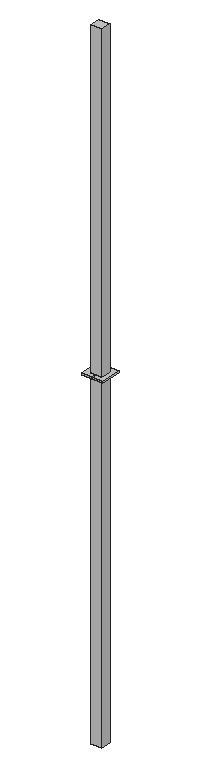
Revit family "Haworth_UniGroupToo_TopFeed", category Furniture Systems, Revit 2018
Family settings
  Round Connector Dimension = Use Diameter
  Part Type = Normal
  OmniClass Number = 23.40.70.14.64.21
  OmniClass Title = Systems Furniture
  Work Plane-Based = No
  Always vertical = Yes
  Cut with Voids When Loaded = No
  Shared = No
  Room Calculation Point = No
Parameters (values of type "Top Feed")
  Width = 2"  # constant formula
  Warranty = "http://www.haworth.com/resources/product-info/warranties"
  URL - Product = "http://www.haworth.com/products/workspaces/panel-based/unigroup-too"
  URL = "www.haworth.com"
  Trim Finish = Haworth _ Metal _ Brushed Aluminum
  Trim Depth = 2"  # constant formula
  Top Trim Height = 1/2"  # constant formula
  Sustainability Info = "http://www.haworth.com/company-info/sustainability"
  Size = "Verify Final Dim. w/ Haworth"  # constant formula
  Revision Number = "2"  # constant formula
  Raceway Panel Width = Actual Width  # 2"
  Raceway Panel Height = 4"  # constant formula
  Panel Height = 56"
  Offset Front = 4 3/8"  # constant formula
  Model = "Haworth - UniGroup Too - Top Feed"  # constant formula
  Glide Height = 3/8"  # constant formula
  Description = "Haworth - UniGroup Too - Top Feed"  # constant formula
  Custom Size = not(or(Pole Length = 70", Pole Length = 124"))  # no
  Panel Depth = 1/2"  # constant formula
  Ceiling Height = 120"
  Actual Width = if(Width < Min. Width, Min. Width, if(Width > Max. Width, Max. Width, Width))  # 2"
  Actual Height = if(Pole Length < Min. Height, Min. Height, if(Pole Length > Max. Height, Max. Height, Pole Length))  # 124"
  Standard Pole Lengths = "70, 124 inches"  # constant formula
  Min. Width = 2"  # constant formula
  Max. Width = 2"  # constant formula
  Min. Height = 70"  # constant formula
  Max. Height = 127"  # constant formula
  Manufacturer = "Haworth"  # constant formula
  Pole Length = 124"
  Bottom Trim Width = 3/8"  # constant formula
  Author = "Haworth (Hampton)"  # constant formula
  Assembly Code = "E2020500"
Reference planes (in)
  plane 1 "Center F/B": y = 0
  plane 2: z = 0.375
  plane 3 "Center L/R": x = 0.09607
  plane 4 "Left": x = -0.90393
  plane 5 "Right": x = 1.09607
  plane 6 "Front": y = -1
  plane 7 "Back": y = 1
  plane 8 "Raceway Top Back": z = 56
  plane 9 "Top of Panel": z = 180
  plane 10 "Ceiling Bottom": z = 120
  plane 11 "Raceway Inside Left": y = -0.845
  plane 12 "Raceway Inside Right": y = 0.845
  plane 13 "Side Rail Left": x = -0.27893
  plane 14 "Side Rail Right": x = 0.47107
  plane 15 "End Cap Left": x = -0.84143
  plane 16 "End Cap Right": x = 1.03357
  plane 17 "Ceiling Support Bottom": z = 119.75
  plane 18: x = -0.90393
  plane 19: x = 0.09607
  plane 20: x = 1.09607
  plane 21: x = 2.09607
  plane 22: x = -1.90393
  plane 23: y = -2
  plane 24: y = -1
  plane 25: y = 1
  plane 26: y = 2
Forms (in)
  Extrusion 1, solid, material "Haworth _ Metal _ Brushed Aluminum" <- "Trim Finish"
    sketch origin (0, 0, 0) x (1, 0, 0) y (0, 1, 0)
      loop
        line (-0.90393, 1) -> (-0.90393, -1) -> (1.09607, -1) -> (1.09607, 1) -> (-0.90393, 1)
    from 56 to 180
  Extrusion 2, solid, material "Haworth _ Metal _ Brushed Aluminum" <- "Trim Finish"
    sketch origin (0, 0, 0) x (1, 0, 0) y (0, 1, 0)
      loop
        line (0.09607, 1) -> (0.09607, 2) -> (-1.90393, 2) -> (-1.90393, -2) -> (0.09607, -2) -> (0.09607, -1) -> (-0.90393, -1) -> (-0.90393, 1) -> (0.09607, 1)
    from 119.75 to 120
  Extrusion 3, solid, material "Haworth _ Metal _ Brushed Aluminum" <- "Trim Finish"
    sketch origin (0.19215, 0, 0) x (-1, 0, 0) y (0, -1, 0)
      loop
        line (0.09607, -1) -> (-0.90393, -1) -> (-0.90393, 1) -> (0.09607, 1) -> (0.09607, 2) -> (-1.90393, 2) -> (-1.90393, -2) -> (0.09607, -2) -> (0.09607, -1)
    from 119.75 to 120
Lines and regions (in)
  Masking region 1
    outline origin (0, 0, 0) x (1, 0, 0) y (0, 1, 0)
      loop
        line (-0.90393, 1) -> (-0.90393, -1) -> (1.09607, -1) -> (1.09607, 1) -> (-0.90393, 1)
Dimensions and locks (in)
  equal spacing: plane 4 "Left", plane 3 "Center L/R", plane 5 "Right"
  "Actual Width": plane 4 "Left" to plane 5 "Right"
  equal spacing: plane 7 "Back", plane 1 "Center F/B", plane 6 "Front"
  "Trim Depth": plane 7 "Back" to plane 6 "Front"
  locked: plane 13 "Side Rail Left" to plane 4 "Left" at 0.625
  locked: plane 5 "Right" to plane 14 "Side Rail Right" at 0.625
  locked: plane 5 "Right" to plane 16 "End Cap Right" at 0.0625
  locked: plane 15 "End Cap Left" to plane 4 "Left" at 0.0625
  "Pole Length": plane 9 "Top of Panel" to plane 8 "Raceway Top Back"
  "Panel Height": plane 8 "Raceway Top Back" to level
  "Ceiling Height": plane 10 "Ceiling Bottom" to level
  plane 3 "Center L/R" to Extrusion 2 = 2"
  Extrusion 1 to Extrusion 3 = 3"
  plane 10 "Ceiling Bottom" to plane 17 "Ceiling Support Bottom" = 1/4"
  aligned and locked: plane 7 "Back" to Extrusion 1 sketch curve
  aligned and locked: plane 5 "Right" to Extrusion 1 sketch curve
  aligned and locked: Extrusion 1 sketch curve to plane 6 "Front"
  aligned and locked: Extrusion 1 sketch curve to plane 4 "Left"
  aligned and locked: plane 9 "Top of Panel" to Extrusion 1
  aligned and locked: Extrusion 1 to plane 8 "Raceway Top Back"
  aligned and locked: plane 10 "Ceiling Bottom" to Extrusion 2
  aligned and locked: Extrusion 2 to Extrusion 3
  aligned and locked: plane 10 "Ceiling Bottom" to Extrusion 3
  aligned and locked: Extrusion 3 to plane 17 "Ceiling Support Bottom"
  aligned and locked: Extrusion 2 to plane 22
  aligned and locked: plane 18 to Extrusion 2
  aligned and locked: plane 19 to Extrusion 2  (x2)
  aligned and locked: Extrusion 3 to plane 19  (x2)
  aligned and locked: Extrusion 3 to plane 20
  aligned and locked: plane 21 to Extrusion 3
  aligned and locked: Extrusion 2 to plane 23
  aligned and locked: Extrusion 3 to plane 23
  aligned and locked: plane 24 to Extrusion 3
  aligned and locked: Extrusion 3 to plane 25
  aligned and locked: plane 26 to Extrusion 2
  aligned and locked: plane 26 to Extrusion 3
Automatic sketch dimensions
  Masking region 1 sketch curve to plane 4 "Left" = 0"
  Masking region 1 sketch curve to plane 5 "Right" = 0"
  Masking region 1 sketch curve to plane 6 "Front" = 0"
  Masking region 1 sketch curve to plane 7 "Back" = 0"
  plane 4 "Left" to Extrusion 2 sketch curve = 0"
  plane 3 "Center L/R" to Extrusion 2 sketch curve = 0"  (x2)
  Extrusion 2 sketch curve to plane 6 "Front" = 0"
  Extrusion 2 sketch curve to plane 7 "Back" = 0"
  Extrusion 2 sketch curve to plane 4 "Left" = 1"
  Extrusion 2 sketch curve to plane 6 "Front" = 1"
  plane 7 "Back" to Extrusion 2 sketch curve = 1"
  plane 5 "Right" to Extrusion 3 sketch curve = 0"
  plane 3 "Center L/R" to Extrusion 3 sketch curve = 0"  (x2)
  Extrusion 3 sketch curve to plane 6 "Front" = 0"
  plane 7 "Back" to Extrusion 3 sketch curve = 0"
  Extrusion 3 sketch curve to plane 5 "Right" = 1"
  plane 6 "Front" to Extrusion 3 sketch curve = 1"
  Extrusion 3 sketch curve to plane 7 "Back" = 1"
